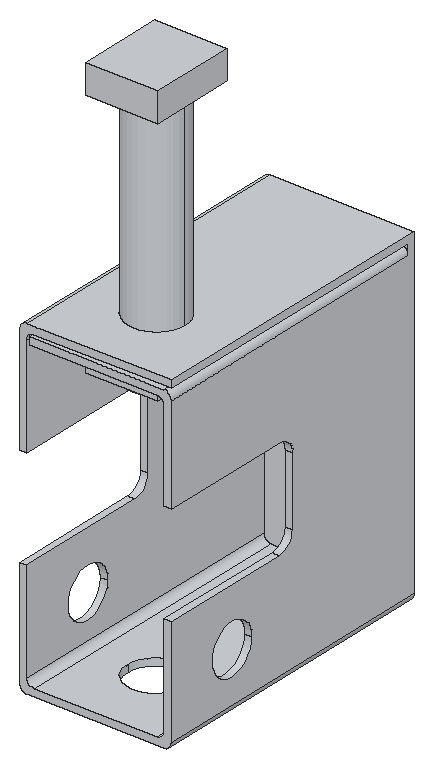
Revit family "Beam_Clamp-Unistrut-P2676", category Specialty Equipment, Revit 2012
Parameters (values of type "P2676")
  ecoScorecard_data = "http://products.ecoscorecard.com/atkore/P2676"
  ecoScorecard Product Page = "http://products.ecoscorecard.com/atkore/P2676?action=html"
  Weight Per Piece = 0.72 lbf
  Unit = none
  Unistrut Part Number = "P2676"  # constant formula
  URL = "http://unistrut.us/index.php"
  Subcategory = "Beam Clamps"  # constant formula
  Product Page URL = "http://unistrut.us/index.php?WP=cat_detail&S=S05&P=P2676"
  Part Type = "Beam Clamp"  # constant formula
  Overall Width = 1 5/16"  # constant formula
  Overall Length = 2 5/8"  # constant formula
  Overall Height = 2 7/8"  # constant formula
  Nut = none
  Model = "P2676"  # constant formula
  Material = ""
  Manufacturer Phone - Toll Free = "800-882-5543"  # constant formula
  Manufacturer Phone = "708-339-1610"  # constant formula
  Manufacturer Fax = "708-339-7814"  # constant formula
  Manufacturer Email = "mailto:jshaw@atkore.com"
  Manufacturer Address = "16100 South Lathrop Avenue, Harvey, IL 60426"  # constant formula
  Manufacturer = "Unistrut by Atkore International"  # constant formula
  Load Capacity Note = "Visit the product page for load application and capacity."  # constant formula
  Literature URL = "http://unistrut.us/index.php?WP=LItLibrary"
  Cost Info = "mailto:jshaw@atkore.com"
  Construction Note = "Height does not include Set Screw and Nut"  # constant formula
  CAD URL = "http://unistrut.us/index.php?WP=CAD3d"
  Assembly Code = "D5020100"
  95 CSI = "16070"  # constant formula
  04 CSI = "26 05 48"  # constant formula
Reference planes (in)
  plane 1 "Center (Front/Back)": y = 0
  plane 2: z = 0
  plane 3 "Center (Left/Right)": x = 0
  plane 4: x = -0.65625
  plane 5: y = 1.3125
  plane 6: x = 0.65625
  plane 7: y = -1.3125
  plane 8: z = 2.875
  plane 9: z = 4.875
  plane 10: z = 1.4375
  plane 11: y = -0.65625
  plane 12: y = 0.65625
Dimensions and locks (in)
  equal spacing: plane 4, plane 3 "Center (Left/Right)", plane 6
  equal spacing: plane 5, plane 1 "Center (Front/Back)", plane 7
  "Overall Width": plane 4 to plane 6
  "Overall Length": plane 5 to plane 7
  "Overall Height": plane 8 to plane 2
  locked: plane 9 to plane 8 at 2
  aligned and locked: level to plane 2
  aligned and locked: plane 3 "Center (Left/Right)" to nested 1
  aligned and locked: plane 1 "Center (Front/Back)" to nested 1
  aligned and locked: nested 1 to plane 2
Nested families (in)
  nested 1: "2676" at (0, 0, 0), type "2676"
Definition of nested family "2676"
  Parameters (values of type "2676")
    Width = 2 5/8"
    Unit = none
    Radius = 9/32"
    Nut = none
    Length = 1 5/16"
    Height = 2 7/8"
  Reference planes (in)
    plane 1 "Center (Front/Back)": y = 0
    plane 2: z = 0
    plane 3 "Center (Left/Right)": x = 0
    plane 4: y = 1.3125
    plane 5: x = -0.65625
    plane 6: y = -1.3125
    plane 7: x = 0.65625
    plane 8: z = 2.875
    plane 9: z = 4.875
    plane 10: z = 1.4375
    plane 11: z = 1.875
    plane 12: z = 1
    plane 13: y = 0.65625
    plane 14: z = 0.5
    plane 15: y = -0.65625
  Forms (in)
    Extrusion 1, void
      sketch origin (0, 0, 0) x (0, 1, 0) y (0, 0, 1)
        loop
          line (-0.13914, 1.875) -> (-1.4375, 1.875) -> (-1.4375, 1) -> (-0.14062, 1)
          arc (-0.14062, 1) -> (-0.04119, 1.04119) -> (0, 1.14063) r 0.14063
          line (0, 1.14063) -> (0, 1.73586)
          arc (0, 1.73586) -> (-0.04075, 1.83425) -> (-0.13914, 1.875) r 0.13914
      from -0.65625 to 0.65625
    Extrusion 2, solid, material <- "Unit"
      sketch origin (0, 0, 0) x (1, 0, 0) y (0, 0, 1)
        loop
          arc (-0.59375, 2.875) -> (-0.63794, 2.85669) -> (-0.65625, 2.8125) r 0.0625
          line (-0.65625, 2.8125) -> (-0.65625, 0.0625)
          arc (-0.65625, 0.0625) -> (-0.63794, 0.01831) -> (-0.59375, 0) r 0.0625
          line (-0.59375, 0) -> (0.59375, 0)
          arc (0.59375, 0) -> (0.63794, 0.01831) -> (0.65625, 0.0625) r 0.0625
          line (0.65625, 0.0625) -> (0.65625, 2.71875)
          arc (0.65625, 2.71875) -> (0.63794, 2.76294) -> (0.59375, 2.78125) r 0.0625
          line (0.59375, 2.78125) -> (-0.56582, 2.78125) -> (-0.56582, 2.71875) -> (0.53125, 2.71875)
          arc (0.53125, 2.71875) -> (0.57544, 2.70044) -> (0.59375, 2.65625) r 0.0625
          line (0.59375, 2.65625) -> (0.59375, 0.125)
          arc (0.59375, 0.125) -> (0.57544, 0.08081) -> (0.53125, 0.0625) r 0.0625
          line (0.53125, 0.0625) -> (-0.53125, 0.0625)
          arc (-0.53125, 0.0625) -> (-0.57544, 0.08081) -> (-0.59375, 0.125) r 0.0625
          line (-0.59375, 0.125) -> (-0.59375, 2.75)
          arc (-0.59375, 2.75) -> (-0.57544, 2.79419) -> (-0.53125, 2.8125) r 0.0625
          line (-0.53125, 2.8125) -> (0.65625, 2.8125) -> (0.65625, 2.875) -> (-0.59375, 2.875)
      from -1.3125 to 1.3125
    Extrusion 3, solid, material <- "Unit"
      sketch origin (0, 0, 0) x (1, 0, 0) y (0, 0, 1)
        loop
          line (0.65625, 2.875) -> (-0.59375, 2.875)
          arc (-0.59375, 2.875) -> (-0.63794, 2.85669) -> (-0.65625, 2.8125) r 0.0625
          line (-0.65625, 2.8125) -> (-0.65625, 0.0625)
          arc (-0.65625, 0.0625) -> (-0.63794, 0.01831) -> (-0.59375, 0) r 0.0625
          line (-0.59375, 0) -> (0.59375, 0)
          arc (0.59375, 0) -> (0.63794, 0.01831) -> (0.65625, 0.0625) r 0.0625
          line (0.65625, 0.0625) -> (0.65625, 2.875)
      from -1.3125 to -1.25
    Extrusion 4, solid, material <- "Nut"
      sketch origin (0, -0.65625, 0) x (1, 0, 0) y (0, 1, 0)
        loop
          line (-0.31371, -0.375) -> (0.31371, -0.375) -> (0.31371, 0.375) -> (-0.31371, 0.375) -> (-0.31371, -0.375)
      from 4.625 to 4.875
    Extrusion 5, solid, material <- "Nut"
      sketch origin (0, 0, -2.15625) x (1, 0, 0) y (0, 1, 0)
        loop
          line (0.31371, -0.28125) -> (-0.31371, -0.28125) -> (-0.31371, -1.03125) -> (0.31371, -1.03125) -> (0.31371, -0.28125)
      from 4.625 to 4.875
    Extrusion 6, void
      sketch origin (0, 0, 0) x (1, 0, 0) y (0, 1, 0)
        loop
          circle (0, 0.65625) r 0.28125
      from 0 to 0.0625
    Extrusion 7, void
      sketch origin (0, 0, 0) x (0, 1, 0) y (0, 0, 1)
        loop
          circle (-0.65625, 0.5) r 0.21875
      from -0.65625 to 0.65625
    Revolve 8, solid, material <- "Nut"
      sketch origin (0, -0.65625, 0) x (1, 0, 0) y (0, 0, 1)
        loop
          line (0, 4.625) -> (-0.25, 4.625) -> (-0.25, 2.375) -> (0, 2.375) -> (0, 4.625)
        axis (0, 4.625) -> (0, 2.375)
      angle from 0 to 360
    Extrusion 9, void
      sketch origin (0, 0, 0) x (1, 0, 0) y (0, 1, 0)
        loop
          circle (0, -0.65625) r 0.25
      from 0 to 0.0625
    Extrusion 10, void
      sketch origin (0, -0.65625, 2.375) x (1, 0, 0) y (0, 1, 0)
        loop
          circle (0, 0) r 0.25
      from 0.34375 to 0.5
  Cuts and joins
    Extrusion 1, Extrusion 6, Extrusion 7, Extrusion 9, Extrusion 10 cuts Extrusion 2
    Extrusion 6, Extrusion 7, Extrusion 9, Extrusion 10 cuts Extrusion 3
    joined: Extrusion 2, Extrusion 3
    Extrusion 9, Extrusion 10 cuts Extrusion 4
    Extrusion 9, Extrusion 10 cuts Extrusion 5
    Extrusion 9 cuts Revolve 8
    joined: Extrusion 4, Extrusion 5, Revolve 8
  Dimensions and locks (in)
    equal spacing: plane 5, plane 3 "Center (Left/Right)", plane 7
    "Length": plane 5 to plane 7
    equal spacing: plane 4, plane 1 "Center (Front/Back)", plane 6
    "Width": plane 4 to plane 6
    "Height": plane 8 to plane 2
    locked: plane 9 to plane 8 at 2
    equal spacing: plane 8, plane 10, plane 2
    equal spacing: plane 12, plane 10, plane 11
    locked: plane 11 to plane 12 at 0.875
    locked: plane 6 to Extrusion 1 sketch curve at 0.125
    locked: plane 4 to Extrusion 3 at 0.0625
    locked: plane 9 to Extrusion 4 at 0.25
    locked: cut or joined group of Extrusion 1, Extrusion 2, Extrusion 3, Extrusion 6, Extrusion 7, Extrusion 9, Extrusion 10 to Extrusion 5 at 0.25
    equal spacing: plane 1 "Center (Front/Back)", plane 13, plane 4
    equal spacing: plane 12, plane 14, plane 2
    equal spacing: plane 1 "Center (Front/Back)", plane 15, plane 6
    "Radius": radius of Extrusion 6 sketch curve
    aligned and locked: level to plane 2
    aligned and locked: plane 11 to Extrusion 1 sketch curve
    aligned and locked: plane 1 "Center (Front/Back)" to Extrusion 1 sketch curve
    aligned and locked: Extrusion 1 sketch curve to plane 12
    aligned and locked: Extrusion 1 to plane 5
    aligned and locked: Extrusion 1 to plane 7
    aligned and locked: Extrusion 2 sketch curve to plane 8
    aligned and locked: Extrusion 2 sketch curve to plane 5
    aligned and locked: Extrusion 2 sketch curve to plane 2
    aligned and locked: plane 7 to Extrusion 2 sketch curve
    aligned and locked: plane 4 to Extrusion 2
    aligned and locked: plane 6 to Extrusion 2
    aligned and locked: cut or joined group of Extrusion 1, Extrusion 2, Extrusion 3, Extrusion 6, Extrusion 7, Extrusion 9, Extrusion 10 to plane 7
    aligned and locked: Extrusion 3 sketch curve to cut or joined group of Extrusion 1, Extrusion 2, Extrusion 3, Extrusion 6, Extrusion 7, Extrusion 9, Extrusion 10  (x4)
    aligned and locked: plane 4 to Extrusion 3
    aligned and locked: plane 9 to Extrusion 4
    aligned and locked: Extrusion 5 to cut or joined group of Extrusion 1, Extrusion 2, Extrusion 3, Extrusion 6, Extrusion 7, Extrusion 9, Extrusion 10
    aligned and locked: Extrusion 5 sketch curve to Extrusion 4  (x2)
    aligned and locked: level to Extrusion 6
    aligned and locked: Extrusion 2 to Extrusion 6
    aligned and locked: Extrusion 7 to plane 5
    aligned and locked: Extrusion 7 to plane 7
    aligned and locked: Extrusion 2 to Extrusion 9
    aligned and locked: Extrusion 9 to level
    aligned and locked: Extrusion 2 to Extrusion 10  (x2)
  Automatic sketch dimensions
    plane 1 "Center (Front/Back)" to Extrusion 1 sketch curve = 9/64"
    Extrusion 1 sketch curve to Extrusion 1 sketch curve = 0.13914"
    plane 7 to Extrusion 2 sketch curve = 0"
    plane 5 to Extrusion 2 sketch curve = 1/16"  (x3)
    Extrusion 2 sketch curve to Extrusion 2 sketch curve = 0.02793"
    Extrusion 2 sketch curve to Extrusion 2 sketch curve = 0.03457"
    Extrusion 2 sketch curve to Extrusion 2 sketch curve = 1/16"  (x3)
    Extrusion 2 sketch curve to Extrusion 2 sketch curve = 1/8"
    plane 7 to Extrusion 2 sketch curve = 1/8"
    plane 7 to Extrusion 2 sketch curve = 1/16"  (x2)
    Extrusion 2 sketch curve to Extrusion 2 sketch curve = 0"
    Extrusion 2 sketch curve to plane 8 = 7/32"
    Extrusion 2 sketch curve to Extrusion 2 sketch curve = 1/32"
    Extrusion 4 sketch curve to plane 3 "Center (Left/Right)" = 0.31371"
    plane 3 "Center (Left/Right)" to Extrusion 4 sketch curve = 0.31371"
    Extrusion 4 sketch curve to plane 6 = 9/32"
    plane 1 "Center (Front/Back)" to Extrusion 4 sketch curve = 9/32"
    Extrusion 5 sketch curve to plane 3 "Center (Left/Right)" = 0.31371"
    plane 3 "Center (Left/Right)" to Extrusion 5 sketch curve = 0.31371"
    Extrusion 6 sketch curve to plane 3 "Center (Left/Right)" = 0"
    Extrusion 6 sketch curve to plane 13 = 0"
    Extrusion 7 sketch curve to plane 14 = 0"
    Extrusion 7 sketch curve to plane 15 = 0"
    Revolve 8 sketch curve to plane 3 "Center (Left/Right)" = 0"  (x2)
    Revolve 8 sketch curve to Revolve 8 sketch curve = 1/4"
    Revolve 8 sketch curve to plane 8 = 1/2"
    Revolve 8 sketch curve to plane 9 = 1/4"
    plane 9 to Revolve 8 sketch curve = 1/4"
    Revolve 8 sketch curve to Revolve 8 sketch curve = 3/4"
    Extrusion 9 sketch curve to plane 3 "Center (Left/Right)" = 0"
    plane 15 to Extrusion 9 sketch curve = 0"
    radius of Extrusion 7 sketch curve = 7/32"
    radius of Extrusion 9 sketch curve = 1/4"
